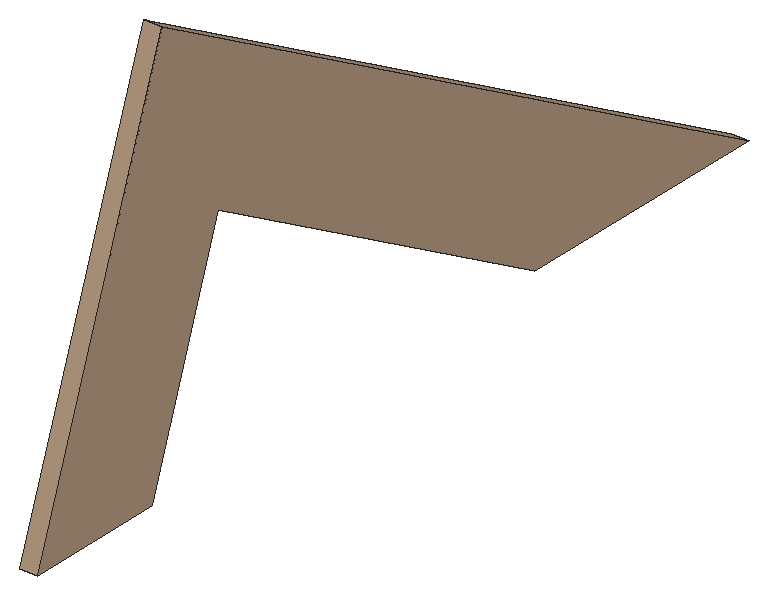
Revit family "Familia muro cortina", category Paneles de muro cortina, Revit 2019
Family settings
  Número OmniClass = 23.25.20.14.11.11.17
  Título OmniClass = Infill Panels
  Siempre vertical = Sí
  Corte con vacíos al cargar = No
  Compartido = No
Parameters
  c_spessore = 20 mm
  c_lunghezza = 1000 mm
  c_angolo 2 [instance] = 70.00°
  c_angolo 1 [instance] = 30.00°
  Construcción analítica = "<Ninguno>"
  C_Materiale = Cartone
Reference planes
  plane 1 "Centro (Frontal/Posterior)": y = 0
  plane 2: z = 0
  plane 3 "Centro (Izquierda/Derecha)": x = 0
  plane 4 "Izquierda": x = -1500
  plane 5 "Derecha": x = 1500
  plane 6 "Parte superior": z = 4000
  plane 7: y = -1000
  plane 8: x = 20
Forms (mm)
  Extrusion 1, solid, material "Cartone"
    sketch origin (0, 0, 0) x (0, 1, 0) y (0, 0, 1)
      loop
        line (0, 0) -> (-826.352, 477.094) -> (-1000, 0) -> (0, 0)
    from 0 to 20
  Extrusion 2, void
    sketch origin (0, 0, 0) x (0, 1, 0) y (0, 0, 1)
      loop
        line (-746.538, 257.809) -> (-840.373, 0) -> (-300, 0) -> (-746.538, 257.809)
    from 0 to 20
Cuts and joins
  Extrusion 2 cuts Extrusion 1
Text (mm)
  text "Exterior" at (-2453.84, 1416.179, 0), in view "Nivel de referencia"
  text "Exterior" at (0, 2290.741, 4406.713), in view "Izquierda"
  text "Exterior" at (0, 1328.187, 4120.349), in view "Derecha"
Dimensions and locks
  equal spacing: plane 4 "Izquierda", plane 3 "Centro (Izquierda/Derecha)", plane 5 "Derecha"
  "c_lunghezza": plane 1 "Centro (Frontal/Posterior)" to plane 7
  locked: Extrusion 1 to Extrusion 2 sketch curve at 150  (x2)
  "c_spessore": plane 3 "Centro (Izquierda/Derecha)" to plane 8
  "c_angolo 1": angle Extrusion 1 sketch curve to Extrusion 1 sketch curve
  "c_angolo 2": angle Extrusion 1 sketch curve to Extrusion 1 sketch curve
  aligned and locked: level to plane 2
  aligned and locked: level to Extrusion 1 sketch curve
  aligned and locked: plane 7 to Extrusion 1 sketch curve
  aligned and locked: plane 1 "Centro (Frontal/Posterior)" to Extrusion 1 sketch curve
  aligned and locked: Extrusion 1 to level
  aligned and locked: cut or joined group of Extrusion 1, Extrusion 2 to plane 8  (x2)
Automatic sketch dimensions
  Extrusion 2 sketch curve to level = 0 mm
